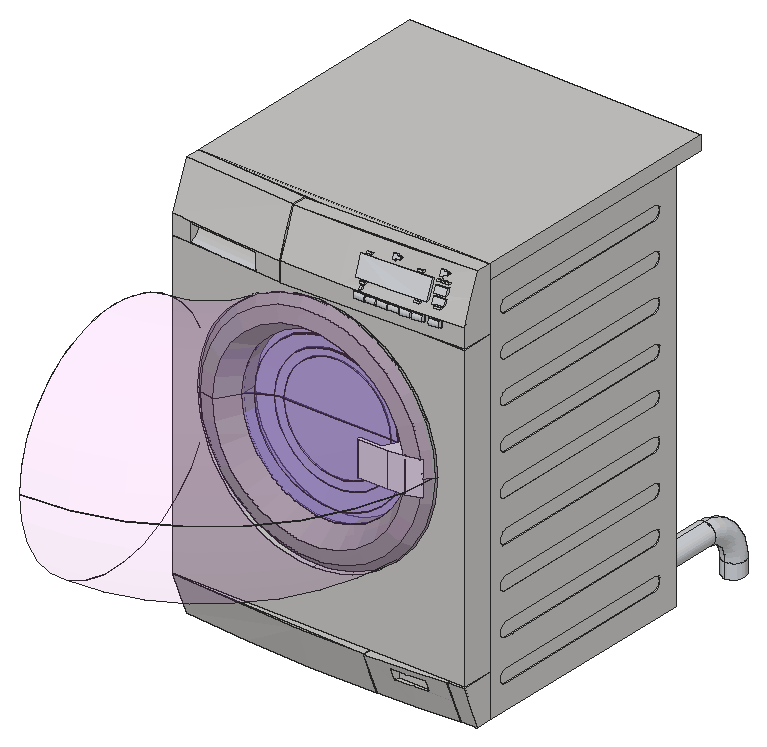
Revit family "WE170VP", category Specialty Equipment, Revit 2014
Parameters
  Width = 596.5 mm
  Height = 846.7 mm
  Depth = 619.6 mm
Reference planes
  plane 1 "Center (Front/Back)": y = 0
  plane 2: z = 0
  plane 3 "Center (Left/Right)": x = 0
  plane 4 "LEFT": x = -298.25
  plane 5 "RIGHT": x = 298.25
  plane 6 "FRONT": y = -309.8
  plane 7 "TOP": z = 846.7
  plane 8 "voidPanel": through (0, -279.09, 846.678) normal (0, -0.9308, 0.3656)
Forms (mm)
  Extrusion 1, void
    sketch origin (0, 0, 0) x (1, 0, 0) y (0, 1, 0)
      loop
        line (298.25, -309.8) -> (348.25, -309.8) -> (348.25, -209.8) -> (298.25, -209.8) -> (298.25, -309.8)
    from 0 to 846.7 <- "Height"
  Extrusion 2, void
    sketch origin (0, 0, 0) x (1, 0, 0) y (0, 1, 0)
      loop
        line (-298.25, -309.8) -> (-298.25, -209.8) -> (-348.25, -209.8) -> (-348.25, -309.8) -> (-298.25, -309.8)
    from 0 to 846.7 <- "Height"
  Revolve 3, solid, material "QF_Finishes_Stainless Steel"
    sketch origin (0, 0, 0) x (0, 1, 0) y (0, 0, 1)
      loop
        line (-275.22, 846.7) -> (-309.8, 758.7) -> (-309.8, 96.5) -> (-275.22, 10.099) -> (-245.097, 10.099) -> (-245.097, 846.7) -> (-275.22, 846.7)
      axis (2693.07, 846.7) -> (2693.07, 10.099)
    angle from -6 to 6
  Extrusion 4, solid, material "QF_Finishes_Stainless Steel"
    sketch origin (0, 0, 0) x (1, 0, 0) y (0, 1, 0)
      loop
        line (-298.25, 244.903) -> (-298.25, -229.92) -> (298.25, -229.92) -> (298.25, 244.903) -> (-298.25, 244.903)
    from 10 to 816.7
  Extrusion 5, solid, material "QF_Finishes_Stainless Steel"
    sketch origin (0, 0, 816.7) x (-1, 0, 0) y (0, -1, 0)
      loop
        line (298.25, -309.8) -> (298.25, 245.097) -> (-298.25, 245.097) -> (-298.25, -309.8) -> (298.25, -309.8)
    from 0 to 30
  Extrusion 6, void
    sketch origin (0, -309.8, 0) x (0, 0, 1) y (-1, 0, 0)
      loop
        circle (464.1, 0) r 242.757
    from 0 to -500.517
  Revolve 7, solid, material "QF_Finishes_Gray"
    sketch origin (0, 0, 464.1) x (-1, 0, 0) y (0, -1, 0)
      loop
        line (242.774, 245.097) -> (242.774, 298.949) -> (226.774, 313.123) -> (196.73, 319.767) -> (170.5, 277.446) -> (170.5, 245.097) -> (242.774, 245.097)
      axis (0, 245.097) -> (0, 319.767)
    angle from 0 to 360
  Revolve 8, solid, material "Glass"
    sketch origin (0, 0, 464.1) x (-1, 0, 0) y (0, -1, 0)
      loop
        line (156.034, 264.421) -> (125.785, 250.116)
        arc (125.785, 250.116) -> (117.42, 247.776) -> (108.77, 246.987) r 47.824
        line (108.77, 246.987) -> (0, 246.987) -> (0, 244.987) -> (108.77, 244.987)
        arc (108.77, 244.987) -> (117.82, 245.816) -> (126.57, 248.275) r 49.824
        line (126.57, 248.275) -> (156.889, 262.613)
        arc (156.889, 262.613) -> (164.396, 267.382) -> (170.5, 273.851) r 35.892
        line (170.5, 273.851) -> (170.5, 277.446)
        arc (170.5, 277.446) -> (164.222, 269.872) -> (156.034, 264.421) r 33.892
      axis (0, 244.987) -> (0, 277.446)
    angle from 0 to 360
  Extrusion 9, void
    sketch origin (0, 0, 464.1) x (-1, 0, 0) y (0, -1, 0)
      loop
        line (278.25, -224.903) -> (278.25, 225.097) -> (-278.25, 225.097) -> (-278.25, -224.903) -> (278.25, -224.903)
    from -434.1 to 332.6
  Extrusion 10, void
    sketch origin (0, 0, 846.7) x (-1, 0, 0) y (0, -1, 0)
      loop
        arc (-298.25, 229.92) -> (0, 245.097) -> (298.25, 229.92) r 2938.166
        line (298.25, 229.92) -> (298.25, 260.198)
        arc (298.25, 260.198) -> (0, 275.22) -> (-298.25, 260.198) r 2968.289
        line (-298.25, 260.198) -> (-298.25, 229.92)
    from -30 to 0
  Extrusion 11, solid, material "QF_Finishes_Stainless Steel"
    sketch origin (0, 0, 846.7) x (-1, 0, 0) y (0, -1, 0)
      loop
        arc (-298.25, 229.92) -> (0, 245.097) -> (298.25, 229.92) r 2938.166
        line (298.25, 229.92) -> (298.25, 260.198)
        arc (298.25, 260.198) -> (0, 275.22) -> (-298.25, 260.198) r 2968.289
        line (-298.25, 260.198) -> (-298.25, 229.92)
    from 0 to -30
  Extrusion 12, solid
    sketch origin (0, 0, 846.7) x (-1, 0, 0) y (0, -1, 0)
      loop
        line (-148.308, 319.298) -> (-106.952, 319.298)
        arc (-106.952, 319.298) -> (-103.725, 322.526) -> (-106.952, 325.753) r 3.227
        line (-106.952, 325.753) -> (-166.755, 325.753)
        arc (-166.755, 325.753) -> (-197.413, 322.561) -> (-226.757, 313.123) r 148.849
        line (-226.757, 313.123) -> (-196.713, 319.767) -> (-170.483, 277.446) -> (-148.308, 319.298)
    from -417.516 to -347.516
  Extrusion 13, void
    sketch origin (0, 0, 0) x (0, 1, 0) y (0, 0, 1)
      loop
        line (-189.283, 738.954) -> (190.717, 738.954)
        arc (190.717, 738.954) -> (205.717, 753.954) -> (190.717, 768.954) r 15
        line (190.717, 768.954) -> (-189.283, 768.954)
        arc (-189.283, 768.954) -> (-204.283, 753.954) -> (-189.283, 738.954) r 15
      loop
        line (-189.283, 653.954) -> (190.717, 653.954)
        arc (190.717, 653.954) -> (205.717, 668.954) -> (190.717, 683.954) r 15
        line (190.717, 683.954) -> (-189.283, 683.954)
        arc (-189.283, 683.954) -> (-204.283, 668.954) -> (-189.283, 653.954) r 15
      loop
        arc (190.717, 568.954) -> (205.717, 583.954) -> (190.717, 598.954) r 15
        line (190.717, 598.954) -> (-189.283, 598.954)
        arc (-189.283, 598.954) -> (-204.283, 583.954) -> (-189.283, 568.954) r 15
        line (-189.283, 568.954) -> (190.717, 568.954)
      loop
        arc (-189.283, 513.954) -> (-204.283, 498.954) -> (-189.283, 483.954) r 15
        line (-189.283, 483.954) -> (190.717, 483.954)
        arc (190.717, 483.954) -> (205.717, 498.954) -> (190.717, 513.954) r 15
        line (190.717, 513.954) -> (-189.283, 513.954)
      loop
        arc (-189.283, 428.954) -> (-204.283, 413.954) -> (-189.283, 398.954) r 15
        line (-189.283, 398.954) -> (190.717, 398.954)
        arc (190.717, 398.954) -> (205.717, 413.954) -> (190.717, 428.954) r 15
        line (190.717, 428.954) -> (-189.283, 428.954)
      loop
        line (-189.283, 313.954) -> (190.717, 313.954)
        arc (190.717, 313.954) -> (205.717, 328.954) -> (190.717, 343.954) r 15
        line (190.717, 343.954) -> (-189.283, 343.954)
        arc (-189.283, 343.954) -> (-204.283, 328.954) -> (-189.283, 313.954) r 15
      loop
        arc (-189.283, 258.954) -> (-204.283, 243.954) -> (-189.283, 228.954) r 15
        line (-189.283, 228.954) -> (190.717, 228.954)
        arc (190.717, 228.954) -> (205.717, 243.954) -> (190.717, 258.954) r 15
        line (190.717, 258.954) -> (-189.283, 258.954)
      loop
        arc (-189.283, 173.954) -> (-204.283, 158.954) -> (-189.283, 143.954) r 15
        line (-189.283, 143.954) -> (190.717, 143.954)
        arc (190.717, 143.954) -> (205.717, 158.954) -> (190.717, 173.954) r 15
        line (190.717, 173.954) -> (-189.283, 173.954)
      loop
        arc (-189.283, 88.954) -> (-204.283, 73.954) -> (-189.283, 58.954) r 15
        line (-189.283, 58.954) -> (190.717, 58.954)
        arc (190.717, 58.954) -> (205.717, 73.954) -> (190.717, 88.954) r 15
        line (190.717, 88.954) -> (-189.283, 88.954)
    from 295 to 298.25
  Extrusion 14, void
    sketch origin (-298.25, 0, 0) x (0, 0, 1) y (0, -1, 0)
      loop
        line (768.954, -190.717) -> (768.954, 189.283)
        arc (768.954, 189.283) -> (753.954, 204.283) -> (738.954, 189.283) r 15
        line (738.954, 189.283) -> (738.954, -190.717)
        arc (738.954, -190.717) -> (753.954, -205.717) -> (768.954, -190.717) r 15
      loop
        arc (653.954, -190.717) -> (668.954, -205.717) -> (683.954, -190.717) r 15
        line (683.954, -190.717) -> (683.954, 189.283)
        arc (683.954, 189.283) -> (668.954, 204.283) -> (653.954, 189.283) r 15
        line (653.954, 189.283) -> (653.954, -190.717)
      loop
        line (598.954, -190.717) -> (598.954, 189.283)
        arc (598.954, 189.283) -> (583.954, 204.283) -> (568.954, 189.283) r 15
        line (568.954, 189.283) -> (568.954, -190.717)
        arc (568.954, -190.717) -> (583.954, -205.717) -> (598.954, -190.717) r 15
      loop
        arc (483.954, -190.717) -> (498.954, -205.717) -> (513.954, -190.717) r 15
        line (513.954, -190.717) -> (513.954, 189.283)
        arc (513.954, 189.283) -> (498.954, 204.283) -> (483.954, 189.283) r 15
        line (483.954, 189.283) -> (483.954, -190.717)
      loop
        line (398.954, 189.283) -> (398.954, -190.717)
        arc (398.954, -190.717) -> (413.954, -205.717) -> (428.954, -190.717) r 15
        line (428.954, -190.717) -> (428.954, 189.283)
        arc (428.954, 189.283) -> (413.954, 204.283) -> (398.954, 189.283) r 15
      loop
        arc (313.954, -190.717) -> (328.954, -205.717) -> (343.954, -190.717) r 15
        line (343.954, -190.717) -> (343.954, 189.283)
        arc (343.954, 189.283) -> (328.954, 204.283) -> (313.954, 189.283) r 15
        line (313.954, 189.283) -> (313.954, -190.717)
      loop
        arc (258.954, 189.283) -> (243.954, 204.283) -> (228.954, 189.283) r 15
        line (228.954, 189.283) -> (228.954, -190.717)
        arc (228.954, -190.717) -> (243.954, -205.717) -> (258.954, -190.717) r 15
        line (258.954, -190.717) -> (258.954, 189.283)
      loop
        arc (143.954, -190.717) -> (158.954, -205.717) -> (173.954, -190.717) r 15
        line (173.954, -190.717) -> (173.954, 189.283)
        arc (173.954, 189.283) -> (158.954, 204.283) -> (143.954, 189.283) r 15
        line (143.954, 189.283) -> (143.954, -190.717)
      loop
        line (88.954, -190.717) -> (88.954, 189.283)
        arc (88.954, 189.283) -> (73.954, 204.283) -> (58.954, 189.283) r 15
        line (58.954, 189.283) -> (58.954, -190.717)
        arc (58.954, -190.717) -> (73.954, -205.717) -> (88.954, -190.717) r 15
    from 0 to 3.25
  Extrusion 15, solid
    sketch origin (0, 0, 0) x (1, 0, 0) y (0, 1, 0)
      loop
        circle (-260.35, 212.4) r 20
    from 2.599 to 10
  Extrusion 16, solid
    sketch origin (0, 0, 0) x (1, 0, 0) y (0, 1, 0)
      loop
        circle (-260.35, 212.4) r 11
    from 0 to 3
  Extrusion 17, solid
    sketch origin (0, 0, 0) x (1, 0, 0) y (0, 1, 0)
      loop
        circle (260.35, 212.4) r 20
    from 3 to 10
  Extrusion 18, solid
    sketch origin (0, 0, 0) x (1, 0, 0) y (0, 1, 0)
      loop
        circle (260.35, 212.4) r 11
    from 0 to 3
  Extrusion 19, solid
    sketch origin (0, 0, 0) x (1, 0, 0) y (0, 1, 0)
      loop
        circle (-260.35, -214) r 20
    from 3 to 10
  Extrusion 20, solid
    sketch origin (0, 0, 0) x (1, 0, 0) y (0, 1, 0)
      loop
        circle (-260.35, -214) r 11
    from 0 to 3
  Extrusion 21, solid
    sketch origin (0, 0, 0) x (1, 0, 0) y (0, 1, 0)
      loop
        circle (260.35, -214) r 20
    from 3 to 10
  Extrusion 22, solid
    sketch origin (0, 0, 0) x (1, 0, 0) y (0, 1, 0)
      loop
        circle (260.35, -214) r 11
    from 0 to 3
  Sweep 23, solid
    path in 3D
      loop
        line (257.95, 444.903, -30.702) -> (257.95, 444.903, -0.7)
        arc (257.95, 444.903, -0.7) -> (257.95, 422.935, 52.336) -> (257.95, 369.899, 74.304) r 75.004
        line (257.95, 369.899, 74.304) -> (257.95, 244.903, 74.304)
    profile origin (257.95, 307.401, 74.304) x (0, 0, 1) y (-1, 0, 0)
      loop
        circle (-0.004, 0) r 22.25
  Blend 24, solid, material "QF_Finishes_Gray"
    base sketch origin (0, 244.903, 0) x (0, 0, 1) y (1, 0, 0)
      loop
        line (717.592, 70.741) -> (682.886, 203.828)
        arc (682.886, 203.828) -> (656.475, 243.36) -> (611.455, 258.643) r 73.949
        line (611.455, 258.643) -> (186.793, 258.643)
        arc (186.793, 258.643) -> (89.269, 219.323) -> (48.718, 122.304) r 136.362
        line (48.718, 122.304) -> (48.718, -122.304)
        arc (48.718, -122.304) -> (89.269, -219.322) -> (186.793, -258.643) r 136.362
        line (186.793, -258.643) -> (611.455, -258.643)
        arc (611.455, -258.643) -> (656.475, -243.36) -> (682.886, -203.828) r 73.949
        line (682.886, -203.828) -> (717.592, -70.741) -> (717.592, 70.741)
    top sketch origin (0, 244.903, 0) x (0, 0, 1) y (1, 0, 0)
      loop
        line (600.219, 199.866) -> (180.219, 199.866)
        arc (180.219, 199.866) -> (108.444, 170.809) -> (77.096, 100.006) r 103.177
        line (77.096, 100.006) -> (77.096, -100.006)
        arc (77.096, -100.006) -> (108.444, -170.809) -> (180.219, -199.865) r 103.177
        line (180.219, -199.865) -> (600.219, -199.865)
        arc (600.219, -199.865) -> (648.92, -183.679) -> (678.078, -141.448) r 80.887
        line (678.078, -141.448) -> (699.055, -63.159)
        arc (699.055, -63.159) -> (702.827, -43.9) -> (703.937, -24.306) r 143.552
        line (703.937, -24.306) -> (703.937, 24.306)
        arc (703.937, 24.306) -> (702.827, 43.9) -> (699.055, 63.159) r 143.552
        line (699.055, 63.159) -> (678.078, 141.448)
        arc (678.078, 141.448) -> (648.92, 183.679) -> (600.219, 199.866) r 80.887
    from 0 to 45
  Extrusion 25, solid
    sketch origin (0, 244.903, 0) x (0, 0, 1) y (1, 0, 0)
      loop
        circle (770.6, 175.06) r 5
    from 0 to 10
  Extrusion 26, solid
    sketch origin (0, 244.903, 0) x (0, 0, 1) y (1, 0, 0)
      loop
        circle (747.326, -204.287) r 10.551
    from 0 to 3
  Extrusion 27, solid
    sketch origin (0, 244.903, 0) x (0, 0, 1) y (1, 0, 0)
      loop
        circle (753.113, -128.946) r 10.957
    from 0 to 3
  Revolve 28, void
    sketch origin (-230.316, 19.843, 0) x (-0.085839, -0.996309, 0) y (0, 0, 1)
      loop
        arc (300.921, 756.57) -> (305.932, 736.74) -> (319.761, 721.669) r 41.748
        line (319.761, 721.669) -> (319.761, 756.57) -> (300.921, 756.57)
      axis (-2683.13, 756.57) -> (-2683.13, 721.669)
    angle from 0 to 2.65
  Extrusion 29, void
    sketch origin (0, -309.8, 0) x (0, 0, 1) y (-1, 0, 0)
      loop
        line (744.024, -82.491) -> (744.024, -105.291) -> (756.024, -105.291) -> (756.024, -82.491) -> (744.024, -82.491)
    from -4.2 to 3
  Extrusion 30, void
    sketch origin (0, -309.8, 0) x (0, 0, 1) y (-1, 0, 0)
      loop
        line (744.024, -105.691) -> (744.024, -128.291) -> (756.024, -128.291) -> (756.024, -105.691) -> (744.024, -105.691)
    from -5 to 3
  Extrusion 31, void
    sketch origin (0, -309.8, 0) x (0, 0, 1) y (-1, 0, 0)
      loop
        line (744.024, -128.691) -> (744.024, -151.291) -> (756.024, -151.291) -> (756.024, -128.691) -> (744.024, -128.691)
    from -6 to 3
  Extrusion 32, void
    sketch origin (0, -309.8, 0) x (0, 0, 1) y (-1, 0, 0)
      loop
        line (744.024, -151.691) -> (744.024, -174.291) -> (756.024, -174.291) -> (756.024, -151.691) -> (744.024, -151.691)
    from -7 to 3
  Extrusion 33, void
    sketch origin (0, -309.8, 0) x (0, 0, 1) y (-1, 0, 0)
      loop
        line (756.024, -174.691) -> (744.024, -174.691) -> (744.024, -197.291) -> (756.024, -197.291) -> (756.024, -174.691)
    from -8 to 3
  Extrusion 34, void
    sketch origin (0, -309.8, 0) x (0, 0, 1) y (-1, 0, 0)
      loop
        line (756.024, -197.691) -> (744.024, -197.691) -> (744.024, -220.291) -> (756.024, -220.291) -> (756.024, -197.691)
    from -10 to 3
  Extrusion 35, void
    sketch origin (0, -309.8, 0) x (0, 0, 1) y (-1, 0, 0)
      loop
        line (756.024, -231.191) -> (744.024, -231.191) -> (744.024, -253.791) -> (756.024, -253.791) -> (756.024, -231.191)
    from -12 to 3
  Revolve 36, solid
    sketch origin (225.331, 18.987, 0) x (-0.083967, 0.996469, 0) y (0, 0, 1)
      loop
        line (-322.415, 744.497) -> (-318.664, 744.497) -> (-318.664, 755.444) -> (-320.867, 755.444)
        arc (-320.867, 755.444) -> (-323.262, 750.2) -> (-322.415, 744.497) r 10.15
      axis (2683.559, 755.444) -> (2683.559, 744.497)
    angle from 0.39 to 0
  Revolve 37, solid
    sketch origin (175.309, 11.964, -0.527) x (-0.065247, 0.997869, 0) y (0, 0, 1)
      loop
        arc (-316.803, 755.966) -> (-319.198, 750.722) -> (-318.35, 745.019) r 10.15
        line (-318.35, 745.019) -> (-314.581, 745.019) -> (-314.581, 755.966) -> (-316.803, 755.966)
      axis (2687.331, 755.966) -> (2687.331, 745.019)
    angle from 0 to 0.39
  Revolve 38, solid
    sketch origin (154.929, 8.943, 0) x (0.057625, -0.998338, 0) y (0, 0, 1)
      loop
        line (314.383, 755.444) -> (312.161, 755.444) -> (312.161, 744.497) -> (315.93, 744.497)
        arc (315.93, 744.497) -> (316.778, 750.2) -> (314.383, 755.444) r 10.15
      axis (-2688.595, 755.444) -> (-2688.595, 744.497)
    angle from 0 to -0.39
  Revolve 39, solid
    sketch origin (114.028, 4.837, 0) x (-0.042379, 0.999102, 0) y (0, 0, 1)
      loop
        arc (-312.044, 755.444) -> (-314.439, 750.2) -> (-313.591, 744.497) r 10.15
        line (-313.591, 744.497) -> (-309.822, 744.497) -> (-309.822, 755.444) -> (-312.044, 755.444)
      axis (2690.65, 755.444) -> (2690.65, 744.497)
    angle from 0 to 0.39
  Revolve 40, solid
    sketch origin (93.547, 3.253, 0) x (0.034757, -0.999396, 0) y (0, 0, 1)
      loop
        line (310.993, 755.444) -> (308.772, 755.444) -> (308.772, 744.497) -> (312.541, 744.497)
        arc (312.541, 744.497) -> (313.388, 750.2) -> (310.993, 755.444) r 10.15
      axis (-2691.442, 755.444) -> (-2691.442, 744.497)
    angle from 0 to -0.39
  Revolve 41, solid
    sketch origin (195.713, 14.299, -0.064) x (-0.072866, 0.997342, 0) y (0, 0, 1)
      loop
        line (-314.873, 744.555) -> (-314.873, 755.526) -> (-317.167, 755.526)
        arc (-317.167, 755.526) -> (-319.568, 750.27) -> (-318.708, 744.555) r 10.141
        line (-318.708, 744.555) -> (-314.873, 744.555)
      axis (2685.911, 755.526) -> (2685.911, 744.555)
    angle from 0 to 0.39
  Revolve 42, solid
    sketch origin (134.491, 6.733, 0) x (-0.050002, 0.998749, 0) y (0, 0, 1)
      loop
        line (-314.545, 744.497) -> (-310.794, 744.497) -> (-310.794, 755.444) -> (-312.997, 755.444)
        arc (-312.997, 755.444) -> (-315.392, 750.2) -> (-314.545, 744.497) r 10.15
      axis (2689.701, 755.444) -> (2689.701, 744.497)
    angle from 0 to 0.39
  Extrusion 43, void
    sketch origin (0, 0, 0) x (0, 1, 0) y (0, 0, 1)
      loop
        line (-252.57, 10.099) -> (-252.57, 96.5) -> (-320.672, 96.5) -> (-320.672, 10.099) -> (-252.57, 10.099)
    from 102 to 103.5
  Extrusion 44, void
    sketch origin (0, 0, 0) x (0, 1, 0) y (0, 0, 1)
      loop
        line (-252.57, 10.099) -> (-252.57, 96.5) -> (-320.672, 96.5) -> (-320.672, 10.099) -> (-252.57, 10.099)
    from 265 to 267.304
  Extrusion 45, void
    sketch origin (-298.25, 0, 0) x (0, 0, 1) y (0, -1, 0)
      loop
        line (846.7, 240.776) -> (846.7, 324.43) -> (718.7, 324.43) -> (718.7, 240.776) -> (846.7, 240.776)
    from 229 to 231.5
  Extrusion 46, void
    sketch origin (298.25, 0, 0) x (0, 0, 1) y (0, -1, 0)
      loop
        line (718.7, 229.92) -> (718.7, 330.753) -> (716.2, 330.753) -> (716.2, 229.92) -> (718.7, 229.92)
    from -600 to 3
  Extrusion 47, void
    sketch origin (298.25, 0, 0) x (0, 0, 1) y (0, -1, 0)
      loop
        line (96.5, 320.097) -> (96.5, 229.92) -> (99, 229.92) -> (99, 320.097) -> (96.5, 320.097)
    from -600 to 3
  Extrusion 48, void
    sketch origin (298.25, 0, 0) x (0, 0, 1) y (0, -1, 0)
      loop
        line (59.021, 279.876) -> (84.521, 279.876) -> (84.521, 312.8) -> (59.021, 312.8) -> (59.021, 279.876)
    from -145.491 to -78.384
  Extrusion 49, solid
    sketch origin (0, -309.8, 0) x (0, 0, 1) y (-1, 0, 0)
      loop
        line (819.143, -91.989) -> (819.143, -101.989) -> (822.143, -101.989) -> (822.143, -91.989) -> (819.143, -91.989)
      loop
        line (772.15, -91.989) -> (772.15, -101.989) -> (775.15, -101.989) -> (775.15, -91.989) -> (772.15, -91.989)
      loop
        line (762.775, -93.928) -> (762.775, -97.928) -> (769.475, -97.928) -> (769.475, -93.928) -> (762.775, -93.928)
      loop
        line (819.143, -191.861) -> (819.143, -201.861) -> (822.143, -201.861) -> (822.143, -191.861) -> (819.143, -191.861)
      loop
        line (772.15, -198.861) -> (772.15, -208.861) -> (775.15, -208.861) -> (775.15, -198.861) -> (772.15, -198.861)
      loop
        line (814.446, -230.991) -> (814.446, -237.491) -> (816.946, -237.491) -> (816.946, -230.991) -> (814.446, -230.991)
      loop
        line (816.946, -239.241) -> (814.446, -239.241) -> (814.446, -245.741) -> (816.946, -245.741) -> (816.946, -239.241)
      loop
        line (816.946, -247.491) -> (814.446, -247.491) -> (814.446, -253.991) -> (816.946, -253.991) -> (816.946, -247.491)
      loop
        line (808.046, -230.991) -> (796.046, -230.991) -> (796.046, -253.991) -> (808.046, -253.991) -> (808.046, -230.991)
      loop
        line (791.046, -230.991) -> (779.046, -230.991) -> (779.046, -253.991) -> (791.046, -253.991) -> (791.046, -230.991)
      loop
        line (773.046, -235.991) -> (773.046, -248.991) -> (776.546, -248.991) -> (776.546, -235.991) -> (773.046, -235.991)
      loop
        line (815.845, -81.665) -> (778.345, -81.665) -> (778.345, -221.665) -> (815.845, -221.665) -> (815.845, -81.665)
      loop
        line (823.434, -141.668) -> (823.434, -148.168) -> (825.186, -148.168)
        arc (825.186, -148.168) -> (825.862, -148.43) -> (826.186, -149.079) r 1.004
        line (826.186, -149.079) -> (826.761, -155.285)
        arc (826.761, -155.285) -> (827.085, -155.934) -> (827.761, -156.196) r 1.004
        line (827.761, -156.196) -> (830.526, -156.196)
        arc (830.526, -156.196) -> (831.202, -155.934) -> (831.526, -155.285) r 1.004
        line (831.526, -155.285) -> (832.101, -149.079)
        arc (832.101, -149.079) -> (832.559, -148.326) -> (833.434, -148.224) r 1.004
        line (833.434, -148.224) -> (833.434, -141.668) -> (823.434, -141.668)
      loop
        line (823.434, -233.563) -> (823.434, -240.063) -> (825.186, -240.063)
        arc (825.186, -240.063) -> (825.862, -240.325) -> (826.186, -240.974) r 1.004
        line (826.186, -240.974) -> (826.761, -247.18)
        arc (826.761, -247.18) -> (827.085, -247.829) -> (827.761, -248.091) r 1.004
        line (827.761, -248.091) -> (830.526, -248.091)
        arc (830.526, -248.091) -> (831.202, -247.829) -> (831.526, -247.18) r 1.004
        line (831.526, -247.18) -> (832.101, -240.974)
        arc (832.101, -240.974) -> (832.559, -240.222) -> (833.434, -240.12) r 1.004
        line (833.434, -240.12) -> (833.434, -233.563) -> (823.434, -233.563)
    from -45.246 to 5.217
  Revolve 50, void
    sketch origin (0, 0, 0) x (0, 1, 0) y (0, 0, 1)
      loop
        line (-311.514, 758.952) -> (-274.197, 853.952) -> (-327.007, 853.952) -> (-327.007, 758.952) -> (-311.514, 758.952)
      axis (2693.07, 853.952) -> (2693.07, 758.952)
    angle from 1 to -6
  Revolve 51, void
    sketch origin (0, 0, 0) x (0, 1, 0) y (0, 0, 1)
      loop
        line (-270.727, 839.015) -> (-301.294, 761.2) -> (-263.681, 761.2) -> (-259.603, 839.015) -> (-270.727, 839.015)
      axis (2693.07, 839.015) -> (2693.07, 761.2)
    angle from 1 to -5
  Revolve 52, solid, material "QF_Door-Drawer Clearances"
    sketch origin (0, -270.65, 0) x (-1, 0, 0) y (0, 0, 1)
      loop
        circle (0, 464.1) r 242.757
      axis (242.774, 464.1) -> (242.774, 463.1)
    angle from 0 to 90
Cuts and joins
  Extrusion 9, Extrusion 13, Extrusion 14, Revolve 28, Extrusion 46, Extrusion 47 cuts Extrusion 4
  Extrusion 1, Extrusion 2, Extrusion 6, Extrusion 10, Revolve 28, Extrusion 29, Extrusion 30, Extrusion 31, Extrusion 32, Extrusion 33, Extrusion 34, Extrusion 35, Extrusion 43, Extrusion 44, Extrusion 45, Extrusion 46, Extrusion 47, Extrusion 48, Revolve 51 cuts Revolve 3
  Revolve 28, Extrusion 43, Extrusion 44, Extrusion 45, Extrusion 46, Extrusion 47, Revolve 51 cuts Extrusion 11
  joined: Revolve 3, Extrusion 11
  Extrusion 10 cuts Extrusion 5
  Revolve 50, Revolve 51 cuts Extrusion 49
Lines and regions (mm)
  model lines
    curve 1: circle (257.95, 244.903, 74.3) r 22.25 normal (0, 1, 0)
    curve 2: line (257.95, 369.899, 74.304) -> (257.95, 244.903, 74.304)
    curve 3: arc (257.95, 369.899, 74.304) -> (257.95, 422.935, 52.336) -> (257.95, 444.903, -0.7) r 75.004
    curve 4: line (257.95, 444.903, -30.702) -> (257.95, 444.903, -0.7)
    curve 8: line (253.366, -313.716, 0) -> (253.669, -317.455, 0)
  sketch lines
    curve 5: line (257.95, 369.899, 74.304) -> (257.95, 244.903, 74.304)
    curve 6: arc (257.95, 369.899, 74.304) -> (257.95, 422.935, 52.336) -> (257.95, 444.903, -0.7) r 75.004
    curve 7: line (257.95, 444.903, -30.702) -> (257.95, 444.903, -0.7)
  symbolic lines, style "QF_Door-Drawer Clearances"
    curve 9: line (-242.774, -756.198, 744.475) -> (-242.774, -270.65, 744.475)
    curve 10: arc (-242.774, -756.198, 744.475) -> (86.428, -627.558, 744.475) -> (241.193, -309.8, 744.475) r 485.548
    curve 11: line (-242.774, -756.198, 744.475) -> (-239.774, -756.198, 744.475)
Dimensions and locks
  equal spacing: plane 5 "RIGHT", plane 3 "Center (Left/Right)", plane 4 "LEFT"
  "Height": plane 7 "TOP" to level
  "Width": plane 5 "RIGHT" to plane 4 "LEFT"
  plane 6 "FRONT" to plane 1 "Center (Front/Back)" = 309.8 mm
  cut or joined group of Extrusion 5, Extrusion 10 to cut or joined group of Extrusion 5, Extrusion 10 = 596.5 mm
  aligned and locked: level to plane 2
Automatic sketch dimensions
  Extrusion 1 sketch curve to plane 5 "RIGHT" = 0 mm
  plane 6 "FRONT" to Extrusion 1 sketch curve = 0 mm
  Extrusion 1 sketch curve to Extrusion 1 sketch curve = 50 mm
  plane 6 "FRONT" to Extrusion 2 sketch curve = 0 mm
  Extrusion 2 sketch curve to plane 4 "LEFT" = 0 mm
  Extrusion 2 sketch curve to Extrusion 2 sketch curve = 50 mm
  Revolve 3 sketch curve to plane 6 "FRONT" = 0 mm
  Revolve 3 sketch curve to plane 7 "TOP" = 0 mm
  Revolve 3 sketch curve to level = 337.362 mm
  plane 7 "TOP" to Revolve 3 sketch curve = 399.762 mm
  Extrusion 4 sketch curve to plane 4 "LEFT" = 0 mm
  Extrusion 4 sketch curve to plane 5 "RIGHT" = 0 mm
  Extrusion 5 sketch curve to plane 5 "RIGHT" = 0 mm
  Extrusion 5 sketch curve to plane 4 "LEFT" = 0 mm
  Extrusion 6 sketch curve to plane 3 "Center (Left/Right)" = 0 mm
  Revolve 7 sketch curve to plane 3 "Center (Left/Right)" = 0 mm
  plane 6 "FRONT" to Revolve 7 sketch curve = 3.323 mm
  Revolve 7 sketch curve to Revolve 7 sketch curve = 32.349 mm
  Revolve 7 sketch curve to plane 6 "FRONT" = 10.851 mm
  plane 6 "FRONT" to Revolve 7 sketch curve = 9.967 mm
  plane 6 "FRONT" to Revolve 7 sketch curve = 1124.917 mm
  Revolve 8 sketch curve to Revolve 8 sketch curve = 0 mm  (x4)
  Revolve 8 sketch curve to plane 3 "Center (Left/Right)" = 0 mm  (x2)
  Revolve 8 sketch curve to Revolve 8 sketch curve = 0.785 mm
  Revolve 8 sketch curve to Revolve 8 sketch curve = 0.855 mm
  Revolve 8 sketch curve to Revolve 8 sketch curve = 14.466 mm
  Revolve 8 sketch curve to Revolve 8 sketch curve = 1.288 mm
  Revolve 8 sketch curve to Revolve 8 sketch curve = 1.808 mm
  Revolve 8 sketch curve to Revolve 8 sketch curve = 9.43 mm
  plane 6 "FRONT" to Revolve 8 sketch curve = 1124.917 mm
  Extrusion 10 sketch curve to Extrusion 10 sketch curve = 0 mm  (x3)
  Extrusion 10 sketch curve to plane 5 "RIGHT" = 0 mm
  Extrusion 10 sketch curve to plane 3 "Center (Left/Right)" = 0 mm
  Extrusion 10 sketch curve to plane 4 "LEFT" = 0 mm
  Extrusion 11 sketch curve to Extrusion 11 sketch curve = 0 mm  (x3)
  Extrusion 11 sketch curve to plane 5 "RIGHT" = 0 mm
  Extrusion 11 sketch curve to plane 3 "Center (Left/Right)" = 0 mm
  Extrusion 11 sketch curve to plane 4 "LEFT" = 0 mm
  plane 6 "FRONT" to Extrusion 12 sketch curve = 3.323 mm
  plane 6 "FRONT" to Extrusion 12 sketch curve = 9.967 mm
  plane 6 "FRONT" to Extrusion 12 sketch curve = 9.498 mm
  Extrusion 12 sketch curve to Extrusion 12 sketch curve = 18.446 mm
  Extrusion 12 sketch curve to Extrusion 12 sketch curve = 41.357 mm
  Extrusion 13 sketch curve to Extrusion 13 sketch curve = 15 mm  (x9)
  Extrusion 13 sketch curve to Extrusion 13 sketch curve = 55 mm  (x8)
  Extrusion 14 sketch curve to Extrusion 14 sketch curve = 55 mm  (x8)
  Extrusion 14 sketch curve to Extrusion 14 sketch curve = 15 mm  (x9)
  curve 3 to level = 0.7 mm
  curve 4 to curve 4 = 30.002 mm
  profile plane to Sweep 23 sketch curve = 0 mm
  profile plane to Sweep 23 sketch curve = 0.004 mm
  Blend 24 sketch curve to Blend 24 sketch curve = 1.713 mm  (x2)
  plane 3 "Center (Left/Right)" to Blend 24 sketch curve = 70.741 mm
  plane 3 "Center (Left/Right)" to Blend 24 sketch curve = 26.006 mm
  Blend 24 sketch curve to plane 3 "Center (Left/Right)" = 26.006 mm
  Blend 24 sketch curve to Blend 24 sketch curve = 0 mm
  Blend 24 sketch curve to Blend 24 sketch curve = 0.156 mm  (x2)
  Blend 24 sketch curve to plane 3 "Center (Left/Right)" = 63.159 mm
  plane 3 "Center (Left/Right)" to Blend 24 sketch curve = 24.306 mm
  plane 3 "Center (Left/Right)" to Blend 24 sketch curve = 96.688 mm
  Revolve 28 sketch curve to Revolve 28 sketch curve = 18.839 mm
  Revolve 28 sketch curve to Revolve 28 sketch curve = 22.908 mm
  Revolve 28 sketch curve to Revolve 28 sketch curve = 2984.051 mm
  Revolve 28 sketch curve to plane 7 "TOP" = 0.022 mm
  Extrusion 29 sketch curve to Extrusion 29 sketch curve = 22.8 mm
  Extrusion 30 sketch curve to Extrusion 30 sketch curve = 22.6 mm
  Extrusion 31 sketch curve to Extrusion 31 sketch curve = 22.6 mm
  Extrusion 32 sketch curve to Extrusion 32 sketch curve = 22.6 mm
  Extrusion 34 sketch curve to Extrusion 34 sketch curve = 22.6 mm
  Extrusion 35 sketch curve to Extrusion 35 sketch curve = 22.6 mm
  Revolve 36 sketch curve to plane 7 "TOP" = 0 mm
  Revolve 36 sketch curve to Revolve 36 sketch curve = 1.547 mm
  Revolve 36 sketch curve to Revolve 36 sketch curve = 2.203 mm
  Revolve 36 sketch curve to Revolve 36 sketch curve = 2996.771 mm
  Revolve 37 sketch curve to plane 7 "TOP" = 0.527 mm
  Revolve 37 sketch curve to Revolve 37 sketch curve = 1.547 mm
  Revolve 37 sketch curve to Revolve 37 sketch curve = 3.769 mm
  Revolve 37 sketch curve to Revolve 37 sketch curve = 2996.479 mm
  Revolve 38 sketch curve to plane 7 "TOP" = 0 mm
  Revolve 38 sketch curve to Revolve 38 sketch curve = 5.433 mm
  Revolve 38 sketch curve to Revolve 38 sketch curve = 2.222 mm
  Revolve 38 sketch curve to Revolve 38 sketch curve = 3.769 mm
  Revolve 38 sketch curve to Revolve 38 sketch curve = 2995.322 mm
  Revolve 39 sketch curve to plane 7 "TOP" = 0 mm
  Revolve 39 sketch curve to Revolve 39 sketch curve = 1.548 mm
  Revolve 39 sketch curve to Revolve 39 sketch curve = 3.769 mm
  Revolve 39 sketch curve to Revolve 39 sketch curve = 2995.039 mm
  Revolve 40 sketch curve to plane 7 "TOP" = 0 mm
  Revolve 40 sketch curve to Revolve 40 sketch curve = 5.433 mm
  Revolve 40 sketch curve to Revolve 40 sketch curve = 2.222 mm
  Revolve 40 sketch curve to Revolve 40 sketch curve = 3.769 mm
  Revolve 40 sketch curve to Revolve 40 sketch curve = 2994.781 mm
  Revolve 41 sketch curve to plane 7 "TOP" = 0.064 mm
  Revolve 41 sketch curve to Revolve 41 sketch curve = 1.541 mm
  Revolve 41 sketch curve to Revolve 41 sketch curve = 3.835 mm
  Revolve 41 sketch curve to Revolve 41 sketch curve = 2995.436 mm
  Revolve 42 sketch curve to plane 7 "TOP" = 0 mm
  Revolve 42 sketch curve to Revolve 42 sketch curve = 1.547 mm
  Revolve 42 sketch curve to Revolve 42 sketch curve = 2.203 mm
  Revolve 42 sketch curve to Revolve 42 sketch curve = 2995.043 mm
  plane 6 "FRONT" to Extrusion 43 sketch curve = 10.872 mm
  plane 6 "FRONT" to Extrusion 44 sketch curve = 10.872 mm
  Extrusion 45 sketch curve to plane 7 "TOP" = 0 mm
  plane 6 "FRONT" to Extrusion 45 sketch curve = 14.63 mm
  Extrusion 46 sketch curve to Extrusion 46 sketch curve = 2.5 mm
  plane 6 "FRONT" to Extrusion 46 sketch curve = 20.953 mm
  Extrusion 47 sketch curve to Extrusion 47 sketch curve = 2.5 mm
  plane 6 "FRONT" to Extrusion 47 sketch curve = 10.297 mm
  plane 6 "FRONT" to Extrusion 48 sketch curve = 3 mm
  Extrusion 48 sketch curve to plane 6 "FRONT" = 29.924 mm
  Extrusion 49 sketch curve to Extrusion 49 sketch curve = 5 mm  (x3)
  Extrusion 49 sketch curve to Extrusion 49 sketch curve = 2.5 mm  (x2)
  Extrusion 49 sketch curve to Extrusion 49 sketch curve = 6.7 mm
  Extrusion 49 sketch curve to Extrusion 49 sketch curve = 0 mm  (x7)
  Extrusion 49 sketch curve to Extrusion 49 sketch curve = 3 mm  (x4)
  Extrusion 49 sketch curve to Extrusion 49 sketch curve = 1.752 mm  (x2)
  Extrusion 49 sketch curve to Extrusion 49 sketch curve = 1 mm  (x8)
  Extrusion 49 sketch curve to Extrusion 49 sketch curve = 0.576 mm  (x2)
  Extrusion 49 sketch curve to Extrusion 49 sketch curve = 2.765 mm  (x2)
  Extrusion 49 sketch curve to Extrusion 49 sketch curve = 5.916 mm  (x2)
  Extrusion 49 sketch curve to Extrusion 49 sketch curve = 0.333 mm  (x2)
  Extrusion 49 sketch curve to Extrusion 49 sketch curve = 0.911 mm  (x4)
  Extrusion 49 sketch curve to Extrusion 49 sketch curve = 6.5 mm  (x3)
  Extrusion 49 sketch curve to Extrusion 49 sketch curve = 1.75 mm  (x2)
  Extrusion 49 sketch curve to Extrusion 49 sketch curve = 6.113 mm  (x4)
  Extrusion 49 sketch curve to Extrusion 49 sketch curve = 0.093 mm  (x4)
  Extrusion 49 sketch curve to Extrusion 49 sketch curve = 13 mm
  Extrusion 49 sketch curve to Extrusion 49 sketch curve = 6.557 mm  (x2)
  Extrusion 49 sketch curve to Extrusion 49 sketch curve = 9.327 mm
  Extrusion 49 sketch curve to Extrusion 49 sketch curve = 12.804 mm
  Extrusion 49 sketch curve to Extrusion 49 sketch curve = 19.804 mm
  Extrusion 49 sketch curve to Extrusion 49 sketch curve = 10 mm  (x3)
  Extrusion 49 sketch curve to Extrusion 49 sketch curve = 39.679 mm  (x2)
  Extrusion 49 sketch curve to Extrusion 49 sketch curve = 4.061 mm
  Extrusion 49 sketch curve to Extrusion 49 sketch curve = 4 mm
  Extrusion 49 sketch curve to Extrusion 49 sketch curve = 1.939 mm
  Extrusion 49 sketch curve to Extrusion 49 sketch curve = 10.324 mm
  plane 7 "TOP" to Revolve 50 sketch curve = 0 mm
  plane 7 "TOP" to Revolve 50 sketch curve = 7.252 mm
  plane 6 "FRONT" to Revolve 50 sketch curve = 1.714 mm
  Revolve 50 sketch curve to Revolve 50 sketch curve = 15.492 mm
  Revolve 51 sketch curve to plane 7 "TOP" = 7.685 mm
  Revolve 51 sketch curve to Revolve 51 sketch curve = 11.124 mm
  Revolve 51 sketch curve to plane 6 "FRONT" = 8.506 mm
  Revolve 51 sketch curve to level = 337.362 mm
  plane 7 "TOP" to Revolve 51 sketch curve = 399.762 mm
  plane 6 "FRONT" to curve 10 = 0 mm
  plane 6 "FRONT" to curve 9 = 446.398 mm
  Revolve 52 sketch curve to plane 3 "Center (Left/Right)" = 0 mm
  Revolve 7 sketch curve to Revolve 7 sketch curve = 26.23 mm
  Revolve 8 sketch curve to plane 3 "Center (Left/Right)" = 108.77 mm
  Revolve 8 sketch curve to plane 6 "FRONT" = 14.74 mm
  Revolve 8 sketch curve to Revolve 8 sketch curve = 32.775 mm
  Blend 24 sketch curve to plane 3 "Center (Left/Right)" = 70.741 mm
  Blend 24 sketch curve to plane 3 "Center (Left/Right)" = 96.688 mm
  Blend 24 sketch curve to plane 3 "Center (Left/Right)" = 100.006 mm
  Blend 24 sketch curve to Blend 24 sketch curve = 80.886 mm  (x2)
  Extrusion 12 sketch curve to Extrusion 12 sketch curve = 30.044 mm
  Extrusion 12 sketch curve to Extrusion 12 sketch curve = 26.23 mm
  plane 3 "Center (Left/Right)" to Blend 24 sketch curve = 122.292 mm
  Blend 24 sketch curve to Blend 24 sketch curve = 73.949 mm  (x2)
  plane 3 "Center (Left/Right)" to Blend 24 sketch curve = 100.006 mm
  plane 3 "Center (Left/Right)" to Extrusion 29 sketch curve = 105.291 mm
  plane 3 "Center (Left/Right)" to Extrusion 30 sketch curve = 128.291 mm
  Extrusion 33 sketch curve to Extrusion 33 sketch curve = 22.6 mm
  Extrusion 49 sketch curve to Extrusion 49 sketch curve = 35.665 mm
  plane 3 "Center (Left/Right)" to Blend 24 sketch curve = 122.304 mm
  Revolve 8 sketch curve to Revolve 8 sketch curve = 17.015 mm
  Revolve 8 sketch curve to Revolve 8 sketch curve = 5.129 mm
  Revolve 3 sketch curve to Revolve 3 sketch curve = 30.123 mm  (x2)
  Extrusion 10 sketch curve to Extrusion 10 sketch curve = 30.278 mm
  Extrusion 11 sketch curve to Extrusion 11 sketch curve = 30.278 mm
  Extrusion 12 sketch curve to plane 6 "FRONT" = 32.354 mm
  Revolve 50 sketch curve to plane 6 "FRONT" = 35.603 mm
  Revolve 51 sketch curve to plane 6 "FRONT" = 39.073 mm
  Revolve 51 sketch curve to Revolve 51 sketch curve = 37.613 mm
  curve 10 to plane 6 "FRONT" = 39.15 mm
  curve 9 to curve 10 = 0 mm
  Revolve 3 sketch curve to plane 6 "FRONT" = 34.58 mm
  Revolve 8 sketch curve to plane 6 "FRONT" = 45.379 mm
  Extrusion 1 sketch curve to plane 6 "FRONT" = 100 mm
  Extrusion 2 sketch curve to plane 6 "FRONT" = 100 mm
  Extrusion 4 sketch curve to plane 6 "FRONT" = 79.88 mm
  Extrusion 5 sketch curve to plane 6 "FRONT" = 64.703 mm
  Revolve 7 sketch curve to plane 6 "FRONT" = 64.703 mm
  Revolve 8 sketch curve to plane 6 "FRONT" = 64.813 mm
  Extrusion 9 sketch curve to plane 6 "FRONT" = 84.703 mm
  Extrusion 10 sketch curve to plane 6 "FRONT" = 79.88 mm
  Extrusion 11 sketch curve to plane 6 "FRONT" = 79.88 mm
  Extrusion 12 sketch curve to Extrusion 12 sketch curve = 100.542 mm
  Extrusion 13 sketch curve to plane 6 "FRONT" = 120.517 mm  (x2)
  Extrusion 13 sketch curve to Extrusion 13 sketch curve = 0 mm  (x15)
  Extrusion 14 sketch curve to plane 6 "FRONT" = 120.517 mm
  Extrusion 14 sketch curve to Extrusion 14 sketch curve = 0 mm  (x16)
  Extrusion 19 sketch curve to plane 6 "FRONT" = 95.8 mm
  Extrusion 20 sketch curve to plane 6 "FRONT" = 95.8 mm
  Extrusion 21 sketch curve to plane 6 "FRONT" = 95.8 mm
  Extrusion 22 sketch curve to plane 6 "FRONT" = 95.8 mm
  Extrusion 43 sketch curve to plane 6 "FRONT" = 57.23 mm
  Extrusion 44 sketch curve to plane 6 "FRONT" = 57.23 mm
  Extrusion 45 sketch curve to plane 6 "FRONT" = 69.024 mm
  Extrusion 46 sketch curve to plane 6 "FRONT" = 79.88 mm
  Extrusion 47 sketch curve to plane 6 "FRONT" = 79.88 mm
  plane 4 "LEFT" to Extrusion 9 sketch curve = 20 mm
  Extrusion 12 sketch curve to Extrusion 12 sketch curve = 3.729 mm
  Extrusion 49 sketch curve to Extrusion 49 sketch curve = 0.6 mm
  plane 4 "LEFT" to Revolve 7 sketch curve = 127.75 mm
  Revolve 7 sketch curve to Revolve 7 sketch curve = 30.044 mm
  plane 4 "LEFT" to Revolve 7 sketch curve = 55.476 mm
  plane 4 "LEFT" to Extrusion 15 sketch curve = 37.9 mm
  plane 4 "LEFT" to Extrusion 16 sketch curve = 37.9 mm
  plane 4 "LEFT" to Extrusion 19 sketch curve = 37.9 mm
  plane 4 "LEFT" to Extrusion 20 sketch curve = 37.9 mm
  Blend 24 sketch curve to plane 3 "Center (Left/Right)" = 122.292 mm
  Blend 24 sketch curve to plane 3 "Center (Left/Right)" = 122.304 mm
  plane 4 "LEFT" to Extrusion 26 sketch curve = 93.963 mm
  Extrusion 27 sketch curve to plane 3 "Center (Left/Right)" = 128.946 mm
  plane 4 "LEFT" to curve 11 = 58.476 mm
  curve 11 to curve 11 = 3 mm
  plane 4 "LEFT" to curve 10 = 55.476 mm
  Extrusion 9 sketch curve to plane 5 "RIGHT" = 20 mm
  Extrusion 12 sketch curve to plane 5 "RIGHT" = 71.493 mm
  Extrusion 17 sketch curve to plane 5 "RIGHT" = 37.9 mm
  Extrusion 18 sketch curve to plane 5 "RIGHT" = 37.9 mm
  Extrusion 21 sketch curve to plane 5 "RIGHT" = 37.9 mm
  Extrusion 22 sketch curve to plane 5 "RIGHT" = 37.9 mm
  curve 1 to plane 5 "RIGHT" = 40.3 mm
  Extrusion 25 sketch curve to plane 5 "RIGHT" = 123.19 mm
  Extrusion 31 sketch curve to plane 5 "RIGHT" = 146.959 mm
  Extrusion 32 sketch curve to plane 5 "RIGHT" = 123.959 mm
  Extrusion 33 sketch curve to plane 5 "RIGHT" = 100.959 mm
  Extrusion 34 sketch curve to plane 5 "RIGHT" = 77.959 mm
  Extrusion 35 sketch curve to plane 5 "RIGHT" = 44.459 mm
  Extrusion 49 sketch curve to plane 5 "RIGHT" = 44.259 mm
  level to Revolve 3 sketch curve = 10.099 mm
  level to Extrusion 43 sketch curve = 10.099 mm
  level to Extrusion 44 sketch curve = 10.099 mm
  level to Revolve 28 sketch curve = 21.881 mm
  level to Revolve 36 sketch curve = 21.902 mm
  level to Revolve 37 sketch curve = 21.375 mm
  level to Revolve 38 sketch curve = 21.902 mm
  level to Revolve 39 sketch curve = 21.902 mm
  level to Revolve 40 sketch curve = 21.902 mm
  level to Revolve 41 sketch curve = 21.838 mm
  level to Revolve 42 sketch curve = 21.902 mm
  level to Revolve 50 sketch curve = 21.902 mm
  Revolve 3 sketch curve to Revolve 3 sketch curve = 86.401 mm
  level to curve 1 = 74.3 mm
  level to curve 2 = 74.304 mm
  Blend 24 sketch curve to plane 5 "RIGHT" = 39.607 mm
  level to Blend 24 sketch curve = 186.793 mm
  plane 4 "LEFT" to Blend 24 sketch curve = 39.607 mm
  level to Blend 24 sketch curve = 180.219 mm  (x2)
  level to Blend 24 sketch curve = 77.096 mm
  Extrusion 43 sketch curve to Extrusion 43 sketch curve = 86.401 mm
  Extrusion 44 sketch curve to Extrusion 44 sketch curve = 86.401 mm
  level to Extrusion 47 sketch curve = 96.5 mm
  level to Extrusion 48 sketch curve = 59.021 mm
  Extrusion 48 sketch curve to Extrusion 48 sketch curve = 25.5 mm
  Blend 24 sketch curve to Blend 24 sketch curve = 39.98 mm
  plane 4 "LEFT" to Revolve 52 sketch curve = 55.476 mm
  Revolve 52 sketch curve to level = 304.8 mm
  plane 7 "TOP" to Revolve 52 sketch curve = 1591.7 mm
  Blend 24 sketch curve to plane 3 "Center (Left/Right)" = 24.306 mm
  Blend 24 sketch curve to Blend 24 sketch curve = 138.661 mm
  Blend 24 sketch curve to Blend 24 sketch curve = 4.881 mm
  Extrusion 49 sketch curve to Extrusion 49 sketch curve = 12 mm  (x2)
  Extrusion 49 sketch curve to Extrusion 49 sketch curve = 6.4 mm
  Extrusion 49 sketch curve to plane 7 "TOP" = 30.855 mm
  Extrusion 49 sketch curve to Extrusion 49 sketch curve = 3.299 mm  (x2)
  Extrusion 49 sketch curve to plane 7 "TOP" = 23.266 mm
  Extrusion 49 sketch curve to Extrusion 49 sketch curve = 6.488 mm
  Revolve 36 sketch curve to Revolve 36 sketch curve = 5.452 mm
  Revolve 37 sketch curve to Revolve 37 sketch curve = 5.433 mm
  Revolve 39 sketch curve to Revolve 39 sketch curve = 5.433 mm
  Revolve 41 sketch curve to Revolve 41 sketch curve = 5.348 mm
  Revolve 42 sketch curve to Revolve 42 sketch curve = 5.452 mm
  level to Extrusion 13 sketch curve = 58.954 mm
  level to Extrusion 14 sketch curve = 58.954 mm
  Blend 24 sketch curve to Blend 24 sketch curve = 71.431 mm  (x2)
  Blend 24 sketch curve to Blend 24 sketch curve = 98.836 mm
  Blend 24 sketch curve to Blend 24 sketch curve = 77.703 mm  (x2)
  Revolve 28 sketch curve to Revolve 28 sketch curve = 34.901 mm
  Extrusion 29 sketch curve to Extrusion 29 sketch curve = 12 mm
  Extrusion 30 sketch curve to Extrusion 30 sketch curve = 12 mm
  Extrusion 31 sketch curve to Extrusion 31 sketch curve = 12 mm
  Extrusion 32 sketch curve to Extrusion 32 sketch curve = 12 mm
  Extrusion 33 sketch curve to Extrusion 33 sketch curve = 12 mm
  Extrusion 34 sketch curve to Extrusion 34 sketch curve = 12 mm
  Extrusion 35 sketch curve to Extrusion 35 sketch curve = 12 mm
  Revolve 36 sketch curve to Revolve 36 sketch curve = 4.282 mm
  Revolve 37 sketch curve to Revolve 37 sketch curve = 4.282 mm
  Revolve 38 sketch curve to Revolve 38 sketch curve = 4.282 mm
  Revolve 39 sketch curve to Revolve 39 sketch curve = 4.282 mm
  Revolve 40 sketch curve to Revolve 40 sketch curve = 4.282 mm
  Revolve 41 sketch curve to Revolve 41 sketch curve = 4.304 mm
  Revolve 42 sketch curve to Revolve 42 sketch curve = 4.282 mm
  Revolve 3 sketch curve to plane 7 "TOP" = 88 mm
  Extrusion 6 sketch curve to plane 7 "TOP" = 382.6 mm
  Blend 24 sketch curve to plane 7 "TOP" = 235.245 mm  (x2)
  Blend 24 sketch curve to plane 7 "TOP" = 129.108 mm
  Blend 24 sketch curve to plane 7 "TOP" = 286.305 mm
  Extrusion 25 sketch curve to plane 7 "TOP" = 76.1 mm
  Extrusion 26 sketch curve to plane 7 "TOP" = 99.374 mm
  Extrusion 27 sketch curve to plane 7 "TOP" = 93.587 mm
  Revolve 28 sketch curve to plane 7 "TOP" = 90.13 mm
  Extrusion 29 sketch curve to plane 7 "TOP" = 102.676 mm
  Extrusion 30 sketch curve to plane 7 "TOP" = 102.676 mm
  Extrusion 31 sketch curve to plane 7 "TOP" = 102.676 mm
  Extrusion 32 sketch curve to plane 7 "TOP" = 102.676 mm
  Extrusion 33 sketch curve to plane 7 "TOP" = 102.676 mm
  Extrusion 34 sketch curve to plane 7 "TOP" = 102.676 mm
  Extrusion 35 sketch curve to plane 7 "TOP" = 102.676 mm
  Revolve 36 sketch curve to plane 7 "TOP" = 102.203 mm
  Revolve 37 sketch curve to plane 7 "TOP" = 102.208 mm
  Revolve 38 sketch curve to plane 7 "TOP" = 97.921 mm
  Revolve 39 sketch curve to plane 7 "TOP" = 102.203 mm
  Revolve 40 sketch curve to plane 7 "TOP" = 97.921 mm
  Revolve 41 sketch curve to plane 7 "TOP" = 102.209 mm
  Revolve 42 sketch curve to plane 7 "TOP" = 102.203 mm
  Extrusion 45 sketch curve to plane 7 "TOP" = 128 mm
  Extrusion 46 sketch curve to plane 7 "TOP" = 130.5 mm
  Extrusion 49 sketch curve to plane 7 "TOP" = 32.254 mm
  Extrusion 49 sketch curve to Extrusion 49 sketch curve = 37.5 mm
  Extrusion 49 sketch curve to Extrusion 49 sketch curve = 3.195 mm  (x2)
  Extrusion 49 sketch curve to Extrusion 49 sketch curve = 3.5 mm
  Extrusion 49 sketch curve to Extrusion 49 sketch curve = 2.675 mm
  Revolve 50 sketch curve to plane 7 "TOP" = 87.748 mm
  Revolve 51 sketch curve to Revolve 51 sketch curve = 77.816 mm
  Revolve 52 sketch curve to plane 7 "TOP" = 382.6 mm
  Revolve 3 sketch curve to plane 1 "Center (Front/Back)" = 2693.07 mm
  Extrusion 4 sketch curve to plane 1 "Center (Front/Back)" = 244.903 mm
  Extrusion 5 sketch curve to plane 1 "Center (Front/Back)" = 309.8 mm
  Revolve 7 sketch curve to plane 1 "Center (Front/Back)" = 1443.872 mm
  Revolve 8 sketch curve to plane 1 "Center (Front/Back)" = 1443.872 mm
  Extrusion 9 sketch curve to plane 1 "Center (Front/Back)" = 224.903 mm
  Extrusion 10 sketch curve to plane 1 "Center (Front/Back)" = 2693.07 mm
  Extrusion 11 sketch curve to plane 1 "Center (Front/Back)" = 2693.07 mm
  Extrusion 13 sketch curve to plane 1 "Center (Front/Back)" = 190.717 mm
  Extrusion 14 sketch curve to plane 1 "Center (Front/Back)" = 190.717 mm
  Extrusion 15 sketch curve to plane 1 "Center (Front/Back)" = 212.4 mm
  Extrusion 16 sketch curve to plane 1 "Center (Front/Back)" = 212.4 mm
  Extrusion 17 sketch curve to plane 1 "Center (Front/Back)" = 212.4 mm
  Extrusion 18 sketch curve to plane 1 "Center (Front/Back)" = 212.4 mm
  curve 3 to plane 1 "Center (Front/Back)" = 369.899 mm
  curve 2 to curve 2 = 124.996 mm
  plane 6 "FRONT" to curve 11 = 446.398 mm
  Revolve 50 sketch curve to plane 1 "Center (Front/Back)" = 2693.07 mm
  Revolve 51 sketch curve to plane 1 "Center (Front/Back)" = 2693.07 mm
  radius of Extrusion 6 sketch curve = 242.757 mm
  radius of Extrusion 15 sketch curve = 20 mm
  radius of Extrusion 16 sketch curve = 11 mm
  radius of Extrusion 17 sketch curve = 20 mm
  radius of Extrusion 18 sketch curve = 11 mm
  radius of Extrusion 19 sketch curve = 20 mm
  radius of Extrusion 20 sketch curve = 11 mm
  radius of Extrusion 21 sketch curve = 20 mm
  radius of Extrusion 22 sketch curve = 11 mm
  radius of curve 1 = 22.25 mm
  radius of Sweep 23 sketch curve = 22.25 mm
  radius of Extrusion 25 sketch curve = 5 mm
  radius of Extrusion 26 sketch curve = 10.551 mm
  radius of Extrusion 27 sketch curve = 10.957 mm
  radius of Revolve 52 sketch curve = 242.757 mm
Connectors
  electrical at (175.06, 254.903, 770.6)
    settings: on Extrusion 25, index 1, voltage 0 V, apparent load 0 VA, apparent load phase1 0 VA, apparent load phase2 0 VA, apparent load phase3 0 VA, power factor 1, load classification "Other", number of poles 1, system type 30, power factor state 1, is connector primary yes, connector utility no, sub classification motor no, connector description "Electrical connection"
  piping at (-128.946, 247.903, 753.113), diameter 12.7
    settings: on Extrusion 27, index 2, connector inside diameter 609.6 mm, connector length 0 mm, flow factor 0, pipe flow 0.0 L/s, pressure drop 0.0 Pa, fitting loss kfactor 0, connector angle 0.00°, fixture units 0, engagement length 0 mm, angle of deflection 0.00°, flow configuration 1, flow direction 1, fitting loss method 0, system type 20, joint type 0, gender type 0, connector reference index -1, connector utility 0, adjustable connector no, is connector primary yes, connector description "Cold Water Inlet"
  piping at (-204.287, 247.903, 747.326), diameter 12.7
    settings: on Extrusion 26, index 3, connector inside diameter 609.6 mm, connector length 0 mm, flow factor 0, pipe flow 0.0 L/s, pressure drop 0.0 Pa, fitting loss kfactor 0, connector angle 0.00°, fixture units 0, engagement length 0 mm, angle of deflection 0.00°, flow configuration 1, flow direction 1, fitting loss method 0, system type 19, joint type 0, gender type 0, connector reference index -1, connector utility 0, adjustable connector no, is connector primary no, connector description "Hot Water Inlet"
  piping at (257.95, 244.903, 74.3), diameter 17
    settings: on Sweep 23, index 4, connector inside diameter 609.6 mm, connector length 0 mm, flow factor 0, pipe flow 0.0 L/s, pressure drop 0.0 Pa, fitting loss kfactor 0, connector angle 0.00°, fixture units 0, engagement length 0 mm, angle of deflection 0.00°, flow configuration 1, flow direction 2, fitting loss method 0, system type 16, joint type 0, gender type 0, connector reference index -1, connector utility 0, adjustable connector no, is connector primary no, connector description "Drain"
